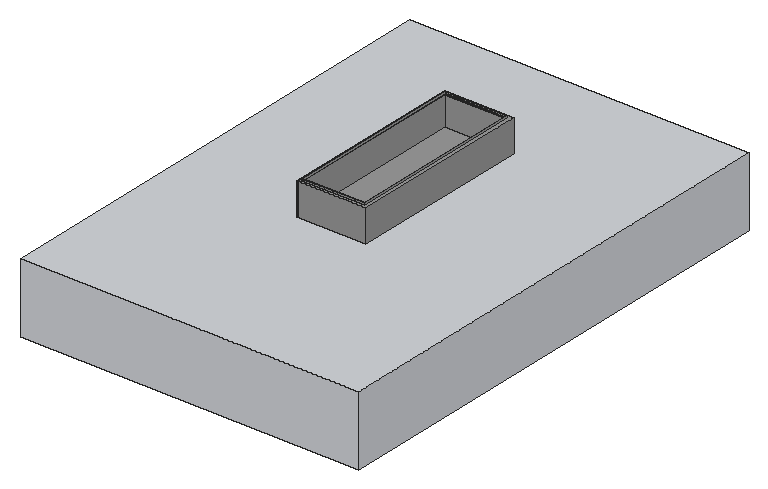
Revit family "Hager-Univers-IP30-D160-1x5rows-Cl.II-FWQ_encl_QS-AT-de", category Equipement électrique, Revit 2020
Family settings
  Hôte = Face
  Configuration du panneau = Deux colonnes, circuits au sein
  Cote de connecteur circulaire = Utiliser le diamètre
  Type d'élément = Tableau de raccordement
  Couper avec des vides une fois chargée = Non
  Partagée = Non
  Point de calcul de pièce = Non
Parameters (values of type "Aufputz IP30 B300 H800 T160  - FWQ51D1")
  Width Control [instance] = if([EF000008 - Breite] > Min Width, [EF000008 - Breite], Min Width)  # 300 mm
  Commentaires du type = [HG000003 - Bereich]  # "Univers"
  Thickness Door [instance] = if([EF009171 - Materialstärke Tür/Deckel] > 3 mm, 3 mm, [EF009171 - Materialstärke Tür/Deckel])  # 2 mm
  Seal Frame Offset [instance] = 17 mm  # constant formula
  Plinth Visibility [instance] = [HG000027 - Sockelhöhe] > 0 mm  # no
  Model = ""
  Min Width [instance] = 100 mm  # constant formula
  Min Height [instance] = 100 mm  # constant formula
  Min Depth [instance] = (2 * [EF009170 - Materialstärke Gehäuse]) + 1 mm  # 5 mm
  Internal Frame Depth [instance] = (Door System Depth * 0.5)  # 9 mm
  Height Control [instance] = if([EF000040 - Höhe] > Min Height, [EF000040 - Höhe], Min Height)  # 800 mm
  HG000027 - Sockelhöhe = 0 mm
  HG000026 - Stehend auf dem Boden = no
  HG000024 - Höhe des unteren Teils = 800 mm
  HG000023 - Gehäuse mit doppeltem Querschnitt = no
  HG000016 - 3D-Türsichtbarkeit [instance] = yes
  HG000015 - Sichtbarkeit der Türöffnung [instance] = no
  HG000014 - Tür rechts [instance] = yes
  HG000013 - Tür links [instance] = not([HG000014 - Tür rechts])  # no
  HG000012 - Türschwenkwinkel [instance] = 30.00°
  HG000010 - Asymmetrische Türen = no
  HG000009 - Doppelflügeligen Tür = no
  HG000006 - Unterputz = no
  HG000004 - Herstellerreferenz = "FWQ51D1"
  HG000003 - Bereich = "Univers"
  HG000002 - Mit tür = no
  Frame Offset Bottom [instance] = 10 mm  # constant formula
  Frame Offset [instance] = 15 mm  # constant formula
  EF015940 - Deckel mit Überdruckentlastung = no
  EF011959 - Schutzart (NEMA) = ""
  EF009554 - Anzahl der Öffnungen für Flanschplatten = 2
  Fabricant = "Hager"  # constant formula
  EF009212 - Ausführung Deckel = "EV009916 - mit Ausschnitt"
  EF009171 - Materialstärke Tür/Deckel = 2 mm
  EF009170 - Materialstärke Gehäuse = 2 mm
  EF008873 - Nennstrom (In) = 125 A
  EF007800 - Geeignet für Blitzschutz = no
  EF006306 - Mit Schloss = no
  EF006244 - Transparenter Deckel/Tür = no
  EF005474 - Schutzart (IP) = "EV006410 - IP30"
  EF004464 - Art der Tür = "EV002646 - Einzel"
  EF004427 - Anzahl der Module = 60
  EF004293 - Schlagfestigkeit = ""
  EF003532 - Geeignet für Außengebrauch = no
  EF002950 - Breite in Teilungseinheiten = 12
  EF001613 - Funktionserhalt = "EV000494 - ohne"
  EF001596 - Werkstoff des Gehäuses = "EV000179 - Stahl"
  EF001131 - Innentiefe = 160 mm
  EF001088 - Anbaumöglichkeit = yes
  EF000437 - Anzahl der Leitungseinführungen = 4
  EF000339 - Art der Abdeckung = "EV001012 - Deckel"
  EF000266 - Anzahl der Reihen = 5
  EF000218 - Einbautiefe = 0 mm
  EF000118 - Mit Montageplatte = yes
  EF000116 - RAL-Nummer = "9010"
  EF000049 - Tiefe = 160 mm
  EF000040 - Höhe = 800 mm
  EF000008 - Breite = 300 mm
  EF000007 - Farbe = "EV000202 - weiß"
  EF000003 - Montageart = "EV000384 - Aufputz"
  Door System Leaf Tolerance [instance] = 1.5 mm  # constant formula
  Door System Depth [instance] = 18 mm  # constant formula
  Door Height [instance] = Height Control - [HG000027 - Sockelhöhe]  # 800 mm
  Depth Control [instance] = if([EF000049 - Tiefe] > Min Depth, [EF000049 - Tiefe], Min Depth)  # 160 mm
  Default Elevation = 0 mm
  Connector Offset [instance] = Height Control / 2  # 400 mm
  Bottom Top Plate Trim [instance] = 1.5 mm  # constant formula
  Plinth height Ctrl [instance] = if([HG000027 - Sockelhöhe] > 0 mm, [HG000027 - Sockelhöhe], 12 mm)  # 12 mm
Reference planes
  plane 1 "Center (Front/Back)": y = 0
  plane 2: z = 0
  plane 3 "Center (Left/Right)": x = 0
  plane 4: z = 160
  plane 5: y = 2
  plane 6: y = 400
  plane 7: y = 0
  plane 8: y = 800
  plane 9: z = 0
  plane 10: x = -135
  plane 11: x = 135
  plane 12: x = 133
  plane 13: x = -133
  plane 14: y = 798
  plane 15: x = -133
  plane 16: x = -150
  plane 17: x = 133
  plane 18: x = 150
  plane 19: x = 148
  plane 20: x = -148
  plane 21: y = 12
  plane 22: y = 800
  plane 23: y = 783
  plane 24: z = 142
  plane 25: z = 2
  plane 26: z = 140
  plane 27: z = 158
Forms (mm)
  Extrusion 1, solid
    sketch origin (0, 0, 0) x (1, 0, 0) y (0, 1, 0)
      loop
        line (-702.964, 1305) -> (-702.964, -811.445) -> (766.763, -811.445) -> (766.763, 1305) -> (-702.964, 1305)
    from 0 to -304.8
  Extrusion 2, solid, material "Hager_Steel_RAL7035_Light_Grey", visible <- "Plinth Visibility", detail levels medium+fine
    sketch origin (0, 0, 0) x (1, 0, 0) y (0, 1, 0)
      loop
        line (-150, 0) -> (150, 0) -> (150, 12) -> (-150, 12) -> (-150, 0)
    from 0 to 142
  Extrusion 3, solid, material "Hager_Steel_RAL7035_Light_Grey", detail levels medium+fine
    sketch origin (0, 0, 0) x (1, 0, 0) y (0, 1, 0)
      loop
        line (-150, 0) -> (150, 0) -> (150, 800) -> (-150, 800) -> (-150, 0)
    from 0 to 142
  Extrusion 4, void
    sketch origin (0, 0, 0) x (1, 0, 0) y (0, 1, 0)
      loop
        line (-148, 2) -> (148, 2) -> (148, 798) -> (-148, 798) -> (-148, 2)
    from 2 to 140
  Extrusion 5, void
    sketch origin (-381.607, -4572, 142) x (0, -1, 0) y (-1, 0, 0)
      loop
        line (-4584, -248.607) -> (-5355, -248.607) -> (-5355, -514.607) -> (-4584, -514.607) -> (-4584, -248.607)
    from 0 to 2 <- "EF009170 - Materialstärke Gehäuse"
  Extrusion 6, solid, material "Hager_Steel_RAL7035_Light_Grey", detail levels fine
    sketch origin (0, 0, 142) x (1, 0, 0) y (0, 1, 0)
      loop
        line (-133, 783) -> (-133, 12) -> (133, 12) -> (133, 783) -> (-133, 783)
      loop
        line (-135, 10) -> (135, 10) -> (135, 785) -> (-135, 785) -> (-135, 10)
    from 0 to 9 <- "Internal Frame Depth"
  Extrusion 7, solid, material "Hager_Steel_RAL7035_Light_Grey", detail levels coarse
    sketch origin (0, 0, 0) x (1, 0, 0) y (0, 1, 0)
      loop
        line (-150, 0) -> (150, 0) -> (150, 800) -> (-150, 800) -> (-150, 0)
    from 0 to 160
  Sweep 8, void
    path in 3D
      loop
        line (-150, 12, 0) -> (150, 12, 0) -> (150, 12, 142) -> (-150, 12, 142) -> (-150, 12, 0)
    profile origin (-150, 12, 71) x (-1, 0, 0) y (0, -1, 0)
      loop
        line (0, 0) -> (0, 1.5) -> (-1.5, 1.5)
        arc (-1.5, 1.5) -> (-1.061, 0.439) -> (0, 0) r 1.5
Cuts and joins
  Extrusion 4, Extrusion 5 cuts Extrusion 3
  Sweep 8 cuts Extrusion 2
Lines and regions (mm)
  Masking region 1
    outline origin (0, 0, 0) x (1, 0, 0) y (0, 0, 1)
      loop
        line (-150, 160) -> (-150, 0) -> (150, 0) -> (150, 160) -> (-150, 160)
  Masking region 2, detail levels medium+fine
    outline origin (0, 140, 0) x (0, 1, 0) y (0, 0, 1)
      loop
        line (-140, 0) -> (660, 0) -> (660, 142) -> (-140, 142) -> (-140, 0)
  Masking region 3, not visible, detail levels medium+fine
    outline origin (0, 297.922, 0) x (0, 1, 0) y (0, 0, 1)
      loop
        line (113.578, 0) -> (153.578, 0) -> (153.578, 148)
        arc (153.578, 148) -> (150.649, 155.071) -> (143.578, 158) r 10
        line (143.578, 158) -> (113.578, 158) -> (113.578, 0)
  Masking region 4, detail levels coarse
    outline origin (0, 0, 180) x (0, 1, 0) y (0, 0, 1)
      loop
        line (0, -180) -> (800, -180) -> (800, -20) -> (0, -20) -> (0, -180)
  Masking region 5, visible <- "Plinth Visibility", detail levels medium+fine
    outline origin (0, 52.24, 12.345) x (0, 0, -1) y (0, 1, 0)
      loop
        line (10.845, -40.24) -> (-128.155, -40.24)
        arc (-128.155, -40.24) -> (-128.594, -41.301) -> (-129.655, -41.74) r 1.5
        line (-129.655, -41.74) -> (-129.655, -52.24) -> (12.345, -52.24) -> (12.345, -41.74)
        arc (12.345, -41.74) -> (11.285, -41.301) -> (10.845, -40.24) r 1.5
  Masking region 6, detail levels medium+fine
    outline origin (-381.607, -4572, 142) x (-1, 0, 0) y (0, -1, 0)
      loop
        line (-231.607, -5372) -> (-231.607, -4572) -> (-531.607, -4572) -> (-531.607, -5372) -> (-231.607, -5372)
  Masking region 7, visible <- "Plinth Visibility", detail levels medium+fine
    outline origin (-381.607, -4727, 142) x (-1, 0, 0) y (0, -1, 0)
      loop
        arc (-233.107, -4739) -> (-232.668, -4737.939) -> (-231.607, -4737.5) r 1.5
        line (-231.607, -4737.5) -> (-231.607, -4727) -> (-531.607, -4727) -> (-531.607, -4737.5)
        arc (-531.607, -4737.5) -> (-530.546, -4737.939) -> (-530.107, -4739) r 1.5
        line (-530.107, -4739) -> (-233.107, -4739)
  Masking region 8, detail levels coarse
    outline origin (-442.548, -4669.526, 142) x (-1, 0, 0) y (0, -1, 0)
      loop
        line (-292.548, -5469.526) -> (-292.548, -4669.526) -> (-592.548, -4669.526) -> (-592.548, -5469.526) -> (-292.548, -5469.526)
  sketch lines
    curve 1: line (-150, 12, 142) -> (-150, 12, 0)
    curve 2: line (150, 12, 142) -> (-150, 12, 142)
    curve 3: line (150, 12, 142) -> (150, 12, 0)
    curve 4: line (-150, 12, 0) -> (150, 12, 0)
Dimensions and locks
  "Depth Control": plane 4 to Extrusion 1
  "HG000027 - Sockelhöhe": plane 1 "Center (Front/Back)" to plane 7
  "EF009170 - Materialstärke Gehäuse": plane 5 to plane 7
  locked: connector elem to plane 3 "Center (Left/Right)"
  equal spacing: plane 8, plane 6, plane 7
  locked: connector elem to plane 6
  "EF009170 - Materialstärke Gehäuse": plane 8 to plane 14
  "EF009170 - Materialstärke Gehäuse": plane 10 to plane 13
  "EF009170 - Materialstärke Gehäuse": plane 12 to plane 11
  "Frame Offset": plane 20 to plane 13
  "Frame Offset": plane 12 to plane 19
  "EF009170 - Materialstärke Gehäuse": plane 16 to plane 20
  "EF009170 - Materialstärke Gehäuse": plane 19 to plane 18
  "Seal Frame Offset": plane 16 to plane 15
  "Seal Frame Offset": plane 17 to plane 18
  "Frame Offset Bottom": plane 21 to plane 5
  "Frame Offset": plane 14 to plane 23
  equal spacing: plane 16, plane 3 "Center (Left/Right)", plane 18
  "Width Control": plane 16 to plane 18
  "EF009170 - Materialstärke Gehäuse": plane 4 to plane 27
  "EF009170 - Materialstärke Gehäuse": plane 24 to plane 26
  "EF009170 - Materialstärke Gehäuse": plane 25 to level
  "Door System Depth": plane 4 to plane 24
  "Height Control": plane 1 "Center (Front/Back)" to Extrusion 7 sketch curve
  "Height Control": Masking region 4 sketch curve to plane 1 "Center (Front/Back)"
  "Height Control": plane 1 "Center (Front/Back)" to plane 22
  "Bottom Top Plate Trim": profile plane to Sweep 8 sketch curve
  "Bottom Top Plate Trim": Sweep 8 sketch curve to profile plane
  "Plinth height Ctrl": plane 1 "Center (Front/Back)" to Extrusion 2 sketch curve
  "Plinth height Ctrl": Masking region 5 sketch curve to plane 1 "Center (Front/Back)"
  "Plinth height Ctrl": plane 1 "Center (Front/Back)" to Masking region 7 sketch curve
  "Thickness Door": Extrusion 6 sketch curve to Extrusion 6 sketch curve  (x3)
  "Thickness Door": cut or joined group of Extrusion 3, Extrusion 4, Extrusion 5 to Extrusion 6 sketch curve
  radius of Masking region 3 sketch curve = 10 mm
  "Bottom Top Plate Trim": radius of Masking region 5 sketch curve  (x2)
  "Bottom Top Plate Trim": radius of Sweep 8 sketch curve
  "Bottom Top Plate Trim": radius of Masking region 7 sketch curve  (x2)
  aligned and locked: plane 2 to Extrusion 1
  aligned and locked: level to Extrusion 1
  aligned and locked: level to Masking region 1 sketch curve
  aligned and locked: Masking region 1 sketch curve to plane 18
  aligned and locked: Masking region 1 sketch curve to plane 16
  aligned and locked: plane 7 to Masking region 2 sketch curve
  aligned and locked: level to Masking region 3 sketch curve
  aligned and locked: Masking region 3 sketch curve to plane 27
  aligned and locked: level to Masking region 2 sketch curve
  aligned and locked: plane 1 "Center (Front/Back)" to Extrusion 2 sketch curve
  aligned and locked: Extrusion 3 sketch curve to plane 7
  aligned and locked: plane 16 to Extrusion 3 sketch curve
  aligned and locked: plane 18 to Extrusion 3 sketch curve
  aligned and locked: plane 20 to Extrusion 4 sketch curve
  aligned and locked: plane 19 to Extrusion 4 sketch curve
  aligned and locked: Extrusion 4 sketch curve to plane 5
  aligned and locked: Extrusion 4 to plane 25
  aligned and locked: plane 26 to Extrusion 4
  aligned and locked: plane 24 to Extrusion 3
  aligned and locked: plane 21 to Extrusion 5 sketch curve
  aligned and locked: Extrusion 5 sketch curve to plane 13
  aligned and locked: Extrusion 5 sketch curve to plane 12
  aligned and locked: plane 18 to Extrusion 7 sketch curve
  aligned and locked: plane 1 "Center (Front/Back)" to Extrusion 7 sketch curve
  aligned and locked: plane 16 to Extrusion 7 sketch curve
  aligned and locked: plane 4 to Extrusion 7
  aligned and locked: Extrusion 7 to level
  aligned and locked: level to Masking region 4 sketch curve
  aligned and locked: Masking region 4 sketch curve to plane 1 "Center (Front/Back)"
  aligned and locked: Masking region 4 sketch curve to plane 4
  aligned and locked: nested 1 to level
  aligned and locked: nested 1 to plane 16
  aligned and locked: plane 8 to Extrusion 3 sketch curve
  aligned and locked: plane 23 to Extrusion 5 sketch curve
  aligned and locked: plane 14 to Extrusion 4 sketch curve
  aligned and locked: Masking region 2 sketch curve to plane 8
  aligned and locked: level to Masking region 5 sketch curve
  aligned and locked: plane 16 to Extrusion 2 sketch curve
  aligned and locked: plane 18 to Extrusion 2 sketch curve
  aligned and locked: Masking region 5 sketch curve to plane 24
  aligned and locked: Masking region 2 sketch curve to plane 24
  aligned and locked: plane 24 to Extrusion 2
  aligned and locked: profile plane to Sweep 8 sketch curve  (x2)
  aligned and locked: Masking region 6 sketch curve to plane 18
  aligned and locked: Masking region 6 sketch curve to plane 22
  aligned and locked: Masking region 6 sketch curve to plane 16
  aligned and locked: plane 8 to plane 22
  aligned and locked: plane 7 to Masking region 6 sketch curve
  aligned and locked: Masking region 7 sketch curve to plane 16
  aligned and locked: Masking region 7 sketch curve to plane 1 "Center (Front/Back)"
  aligned and locked: Masking region 7 sketch curve to plane 18
  aligned and locked: Masking region 8 sketch curve to plane 1 "Center (Front/Back)"
  aligned and locked: Masking region 8 sketch curve to plane 18
  aligned and locked: Masking region 8 sketch curve to plane 22
  aligned and locked: Masking region 8 sketch curve to plane 16
  aligned and locked: nested 2 to plane 7
  aligned and locked: plane 3 "Center (Left/Right)" to nested 2
  aligned and locked: plane 24 to nested 2
  aligned and locked: Extrusion 6 sketch curve to cut or joined group of Extrusion 3, Extrusion 4, Extrusion 5  (x4)
Automatic sketch dimensions
  Extrusion 1 sketch curve to Extrusion 1 sketch curve = 1469.727 mm
  Extrusion 1 sketch curve to Extrusion 1 sketch curve = 2116.445 mm
  Masking region 1 sketch curve to plane 4 = 0 mm
  plane 6 to Masking region 3 sketch curve = 11.5 mm
  Masking region 3 sketch curve to Masking region 3 sketch curve = 30 mm
  Masking region 5 sketch curve to plane 1 "Center (Front/Back)" = 0 mm
Nested families
  nested 1: "Hager_Enclosure_Symbol" at (-150, 0, 0) x (1, 0, 0) z (0, -1, 0), Height <- "Depth Control", Width <- "Width Control", type "Hager_Enclosure_Symbol"
    with Width_Ctrl 300 mm, Width 300 mm, Height_Ctrl 160 mm, Height 160 mm, A_Width_Int 10.5 mm, A_Width 126 mm, A_Height_Ctrl 140 mm, A_Height 140 mm
  nested 2: "EC000058_Univers_Door" at (0, 0, 142) x (1, 0, 0) z (0, 1, 0), Leaf_Tolerance <- "Door System Leaf Tolerance", Angle <- "HG000012 - Türschwenkwinkel", Door_Depth <- "Door System Depth", Door_Left <- "HG000013 - Tür links", Transparent <- "EF006244 - Transparenter Deckel/Tür", Assymetrical <- "HG000010 - Asymmetrische Türen", Width <- "Width Control", Clearance <- "HG000015 - Sichtbarkeit der Türöffnung", Double <- "HG000009 - Doppelflügeligen Tür", 3d_Door <- "HG000016 - 3D-Türsichtbarkeit", Lock_Visibility <- "EF006306 - Mit Schloss", Width_Ctrl <- "Width Control", Door_Right <- "HG000014 - Tür rechts", Door <- "HG000002 - Mit tür", Height <- "Door Height", Thickness <- "Thickness Door", type "EC000058_Univers_Door", detail levels medium+fine
    with min_wh 5 mm, Width_Ctrl 300 mm, Width 300 mm, Transparent no, Thickness 2 mm, Seal_Material Hager_Rubber, Lock_Visibility no, Lock_Material Hager_Plastic_RAL9005_Jet_Black, Leaf_Width 300 mm, Leaf_Tolerance_External_Sides 0 mm, Leaf_Tolerance 1.5 mm, Leaf_Offset 0 mm, Leaf_Height 797 mm, Leaf_2_Width 300 mm, Leaf_2_Offset 150 mm, Leaf_1_Width 300 mm, Leaf_1_Offset 150 mm, Height_Ctrl 800 mm, Height 800 mm, Glass_Material Hager_Glass, Double_Clearance_Ctrl no, Double no, Door_Right_Ctrl no, Door_Right yes, Door_Material Hager_Steel_RAL7035_Light_Grey, Door_Left_Ctrl no, Door_Left no, Door_Depth 18 mm, Door no, Clearance_Material Hager_Clearance, Clearance_Depth 300 mm, Clearance_Ctrl no, Clearance no, Assymetrical no, Angle 30.00°, 3d_Door yes
Connectors
  electrical at (0, 400, 0)
    settings: on plane 9, index 1, voltage 0 V, apparent load 0 VA, apparent load phase1 0 VA, apparent load phase2 0 VA, apparent load phase3 0 VA, power factor 1, load classification "Other", number of poles 1, system type 30, power factor state 1, is connector primary yes, connector utility no, sub classification motor no, connector description ""
Definition of nested family "Hager_Enclosure_Symbol"
  Parameters (values of type "Hager_Enclosure_Symbol")
    Width_Ctrl [instance] = if(Width > 1 mm, Width, 1 mm)  # 102.27 mm
    Width [instance] = 102.27 mm
    Height_Ctrl [instance] = if(Height > 1 mm, Height, 1 mm)  # 66.5 mm
    A_Width_Int [instance] = if(A_Width / 12 > 2 mm, A_Width / 12, 2 mm)  # 4.364 mm
    A_Width [instance] = if(A_Height_Ctrl * 0.9 > 2 mm, A_Height_Ctrl * 0.9, 2 mm)  # 52.369 mm
    A_Height_Ctrl [instance] = if(A_Height > 2 mm, A_Height, 2 mm)  # 58.188 mm
    Height [instance] = 66.5 mm
    A_Height [instance] = Height - (Height / 8)  # 58.188 mm
  Reference planes
    plane 1 "Centre (avant/arrière)": y = 0
    plane 2: z = 0
    plane 3 "Centre (gauche/droite)": x = 0
    plane 4: x = 52.369
    plane 5: y = 33.042
    plane 6: y = 41.77
    plane 7: y = 66.5
    plane 8: x = 26.184
    plane 9: y = 37.406
    plane 10: x = 102.27
    plane 11: y = 66.5
    plane 12: y = 8.313
  Lines and regions (mm)
    Filled region 1, type "Solid_Black", in view "Niveau de réf."
      outline origin (0, 0, 0) x (1, 0, 0) y (0, 1, 0)
        loop
          line (52.369, 66.5) -> (33.188, 54.536) -> (45.365, 45.006) -> (52.369, 66.5)
    Filled region 2, type "Solid_Black", in view "Niveau de réf."
      outline origin (0, 0, 0) x (1, 0, 0) y (0, 1, 0)
        loop
          line (0, 0) -> (102.27, 0) -> (102.27, 66.5) -> (0, 0)
    detail lines, in view "Niveau de réf."
      curve 1: line (0, 8.313, 0) -> (26.184, 41.77, 0)
      curve 2: line (26.184, 41.77, 0) -> (26.184, 33.042, 0)
      curve 3: line (26.184, 33.042, 0) -> (52.369, 66.5, 0)
  Dimensions and locks
    "A_Width": plane 3 "Centre (gauche/droite)" to plane 4
    equal spacing: plane 3 "Centre (gauche/droite)", plane 8, plane 4
    equal spacing: plane 6, plane 9, plane 5
    equal spacing: curve 3, Filled region 1 sketch curve, Filled region 1 sketch curve
    "Height_Ctrl": plane 1 "Centre (avant/arrière)" to plane 11
    "A_Height_Ctrl": plane 11 to plane 12
    equal spacing: plane 11, plane 9, plane 12
    "A_Width_Int": plane 6 to plane 9
    "Width_Ctrl": plane 3 "Centre (gauche/droite)" to plane 10
    angle Filled region 1 sketch curve to curve 3 = 20.00°
    angle curve 3 to Filled region 1 sketch curve = 20.00°
    locked: curve 3 to Filled region 1 sketch curve (angle 90.00°)
    aligned and locked: plane 10 to Filled region 2
    aligned and locked: plane 11 to Filled region 2 sketch curve
    aligned and locked: plane 10 to Filled region 2 sketch curve
    aligned and locked: plane 3 "Centre (gauche/droite)" to curve 1
    aligned and locked: plane 12 to curve 1
    aligned and locked: plane 7 to plane 11
  Automatic sketch dimensions
    Filled region 1 sketch curve to plane 4 = 0 mm
    Filled region 1 sketch curve to plane 7 = 0 mm
    plane 1 "Centre (avant/arrière)" to Filled region 2 sketch curve = 0 mm
    Filled region 2 sketch curve to plane 3 "Centre (gauche/droite)" = 0 mm
    curve 2 to plane 6 = 0 mm
    curve 2 to plane 8 = 0 mm
    curve 3 to plane 4 = 0 mm
    curve 2 to plane 5 = 0 mm
    curve 3 to plane 7 = 0 mm
Definition of nested family "EC000058_Univers_Door"
  Parameters (values of type "EC000058_Univers_Door")
    min_wh [instance] = (2 * Thickness) + 1 mm  # 11 mm
    Width_Ctrl [instance] = 400 mm
    Width [instance] = 500 mm
    Transparent [instance] = yes
    Thickness [instance] = 5 mm
    Seal_Material [instance] = none
    Lock_Visibility [instance] = yes
    Lock_Material [instance] = none
    Leaf_Width [instance] = if((Width_Ctrl - 2 * Leaf_Tolerance_External_Sides) > 0 mm, (Width_Ctrl - 2 * Leaf_Tolerance_External_Sides), min_wh)  # 400 mm
    Leaf_Tolerance_External_Sides [instance] = 0 mm  # constant formula
    Leaf_Tolerance [instance] = 1.5 mm
    Leaf_Offset [instance] = 0 mm  # constant formula
    Leaf_Height [instance] = if((Height_Ctrl - 2 * Leaf_Tolerance) > 0 mm, (Height_Ctrl - 2 * Leaf_Tolerance), min_wh)  # 497 mm
    Leaf_2_Width [instance] = if(and(and(Double, Assymetrical), Door_Left), (Leaf_Width / 3) - (Leaf_Tolerance / 2), if(and(and(Double, Assymetrical), Door_Right), (Leaf_Width / 3) * 2 - (Leaf_Tolerance / 2), if(and(Double, not(Assymetrical)), (Leaf_Width / 2) - Leaf_Tolerance, Leaf_Width)))  # 400 mm
    Leaf_2_Offset [instance] = if(and(Double, Assymetrical), Leaf_2_Width / 2, if(and(Double, not(Assymetrical)), Leaf_Width / 4, Leaf_Width / 2))  # 200 mm
    Leaf_1_Width [instance] = if(and(and(Double, Assymetrical), Door_Right), (Leaf_Width / 3) - (Leaf_Tolerance / 2), if(and(and(Double, Assymetrical), Door_Left), (Width / 3) * 2 - (Leaf_Tolerance / 2), if(and(Double, not(Assymetrical)), (Leaf_Width / 2) - Leaf_Tolerance, Leaf_Width)))  # 400 mm
    Leaf_1_Offset [instance] = if(and(Double, Assymetrical), Leaf_1_Width / 2, if(and(Double, not(Assymetrical)), Leaf_Width / 4, Leaf_Width / 2))  # 200 mm
    Height_Ctrl [instance] = if(Height > min_wh, Height, min_wh)  # 500 mm
    Height [instance] = 500 mm
    Glass_Material [instance] = none
    Double_Clearance_Ctrl [instance] = and(Double, Clearance)  # no
    Double [instance] = no
    Door_Right_Ctrl [instance] = and(or(Door_Right, Double), Door)  # yes
    Door_Right [instance] = yes
    Door_Material [instance] = none
    Door_Left_Ctrl [instance] = and(or(Door_Left, Double), Door)  # no
    Door_Left [instance] = no
    Door_Depth [instance] = 30 mm
    Door [instance] = yes
    Default Elevation = 1219.2 mm
    Clearance_Material [instance] = none
    Clearance_Depth [instance] = if(Leaf_1_Width > Leaf_2_Width, Leaf_1_Width, Leaf_2_Width)  # 400 mm
    Clearance_Ctrl [instance] = and(not(Double), Clearance)  # yes
    Clearance [instance] = yes
    Assymetrical [instance] = yes
    Angle [instance] = 30.00°
    3d_Door [instance] = yes
  Reference planes
    plane 1 "Center (Front/Back)": y = 0
    plane 2 "Bottom": z = 0
    plane 3 "Center (Left/Right)": x = 0
    plane 4: z = 500
    plane 5: x = -200
    plane 6: x = 200
    plane 7: z = 500
    plane 8: x = -200
    plane 9: z = 0
    plane 10: x = 200
    plane 11: y = 0
    plane 12: z = 1.5
    plane 13: x = -600
    plane 14: y = -400
    plane 15: x = 600
    plane 16: x = 0
    plane 17: x = 0
    plane 18: x = -200
    plane 19: x = 200
    plane 20: z = 498.5
  Forms (mm)
    Extrusion 1, solid, material <- "Clearance_Material", visible <- "Double_Clearance_Ctrl"
      sketch origin (1200, 0, 0) x (1, 0, 0) y (0, 0, -1)
        loop
          line (-1800, -498.5) -> (-600, -498.5) -> (-600, 0) -> (-1800, 0) -> (-1800, -498.5)
      from 0 to -400
  Dimensions and locks
    equal spacing: plane 5, plane 3 "Center (Left/Right)", plane 6
    "Width_Ctrl": plane 5 to plane 6
    "Leaf_Offset": plane 5 to plane 8
    "Leaf_Offset": plane 6 to plane 10
    "Leaf_Offset": plane 9 to level
    "Leaf_Offset": plane 4 to plane 7
    "Height_Ctrl": plane 4 to level
    "Leaf_Tolerance": plane 12 to plane 9
    locked: plane 11 to plane 1 "Center (Front/Back)"
    "Leaf_1_Offset": plane 18 to plane 16
    "Leaf_2_Offset": plane 17 to plane 19
    "Leaf_1_Width": plane 13 to plane 8
    "Leaf_2_Width": plane 10 to plane 15
    "Clearance_Depth": plane 14 to plane 1 "Center (Front/Back)"
    "Leaf_Tolerance_External_Sides": plane 8 to plane 18
    "Leaf_Tolerance_External_Sides": plane 19 to plane 10
    "Leaf_Tolerance": plane 7 to plane 20
    aligned and locked: level to plane 2 "Bottom"
    aligned and locked: nested 1 to plane 16
    aligned and locked: nested 2 to plane 17
    aligned and locked: Extrusion 1 to plane 13
    aligned and locked: plane 15 to Extrusion 1
    aligned and locked: Extrusion 1 to plane 14
    aligned and locked: plane 12 to nested 1
    aligned and locked: nested 2 to plane 12
    aligned and locked: Extrusion 1 to plane 11
    aligned and locked: plane 20 to Extrusion 1
    aligned and locked: nested 2 to plane 11
    aligned and locked: nested 1 to plane 11
  Automatic sketch dimensions
    Extrusion 1 sketch curve to level = 0 mm
    plane 5 to Extrusion 1 sketch curve = 400 mm
    plane 6 to Extrusion 1 sketch curve = 400 mm
    Extrusion 1 sketch curve to plane 4 = 1.5 mm
  Nested families
    nested 1: "EC000058_Univers_Door_Leaf" at (0, 0, 1.5), Width <- "Leaf_1_Width", visible <- "Door_Left_Ctrl", Leaf_Height <- "Leaf_Height", Angle <- "Angle", 3d_Door <- "3d_Door", Transparent <- "Transparent", Clearance Material <- "Clearance_Material", Clearance <- "Clearance_Ctrl", Door_Material <- "Door_Material", Glass_Material <- "Glass_Material", Door_Depth <- "Door_Depth", Lock_Material <- "Lock_Material", Seal_Material <- "Seal_Material", Lock_Visibility <- "Lock_Visibility", Thickness <- "Thickness", type "EC000058_Univers_Door_Leaf"
      with Width 400 mm, Transparent_Glass_Offset 30 mm, Transparent_Ctrl yes, Transparent yes, Thickness 5 mm, Standard no, Seal_Material none, Seal_D2 8 mm, Seal_D1 1 mm, Offset_Internal_Frame 10 mm, Lock_Width 20 mm, Lock_Visibility_3d yes, Lock_Visibility yes, Lock_Thickness_3 3 mm, Lock_Thickness_2 1 mm, Lock_Thickness_1 3 mm, Lock_Radius_Offset_2 16 mm, Lock_Radius_Offset_1 15 mm, Lock_Radius_2 5 mm, Lock_Radius 6 mm, Lock_Offset 5 mm, Lock_Material none, Lock_Height 80 mm, Lock_Cover_Top_Offset_2d 17 mm, Lock_Cover_Height -65 mm, Leaf_Height 497 mm, Internal_Seal_Thickness 8 mm, Internal_Seal_Depth_2 4.5 mm, Internal_Frame_Depth 25 mm, Glass_Thickness -1 mm, Glass_Offset -2 mm, Glass_Material none, Door_Material none, Door_Depth 30 mm, Clearance Material none, Clearance yes, Angle_Ctrl 30.00°, Angle 30.00°, 3d_Door yes
    nested 2: "EC000058_Univers_Door_Leaf" at (0, 0, 1.5) x (-1, 0, 0) z (0, 0, 1), Width <- "Leaf_2_Width", visible <- "Door_Right_Ctrl", Leaf_Height <- "Leaf_Height", Angle <- "Angle", 3d_Door <- "3d_Door", Transparent <- "Transparent", Clearance Material <- "Clearance_Material", Clearance <- "Clearance_Ctrl", Door_Material <- "Door_Material", Glass_Material <- "Glass_Material", Door_Depth <- "Door_Depth", Lock_Material <- "Lock_Material", Seal_Material <- "Seal_Material", Lock_Visibility <- "Lock_Visibility", Thickness <- "Thickness", type "EC000058_Univers_Door_Leaf"
      with Width 400 mm, Transparent_Glass_Offset 30 mm, Transparent_Ctrl yes, Transparent yes, Thickness 5 mm, Standard no, Seal_Material none, Seal_D2 8 mm, Seal_D1 1 mm, Offset_Internal_Frame 10 mm, Lock_Width 20 mm, Lock_Visibility_3d yes, Lock_Visibility yes, Lock_Thickness_3 3 mm, Lock_Thickness_2 1 mm, Lock_Thickness_1 3 mm, Lock_Radius_Offset_2 16 mm, Lock_Radius_Offset_1 15 mm, Lock_Radius_2 5 mm, Lock_Radius 6 mm, Lock_Offset 5 mm, Lock_Material none, Lock_Height 80 mm, Lock_Cover_Top_Offset_2d 17 mm, Lock_Cover_Height -65 mm, Leaf_Height 497 mm, Internal_Seal_Thickness 8 mm, Internal_Seal_Depth_2 4.5 mm, Internal_Frame_Depth 25 mm, Glass_Thickness -1 mm, Glass_Offset -2 mm, Glass_Material none, Door_Material none, Door_Depth 30 mm, Clearance Material none, Clearance yes, Angle_Ctrl 30.00°, Angle 30.00°, 3d_Door yes
  Definition of nested family "EC000058_Univers_Door_Leaf"
    Parameters (values of type "EC000058_Univers_Door_Leaf")
      Width [instance] = 2000 mm
      Transparent_Glass_Offset [instance] = 30 mm
      Transparent_Ctrl [instance] = and(Transparent, [3d_Door])  # yes
      Transparent [instance] = yes
      Thickness [instance] = 5 mm
      Standard [instance] = and(not(Transparent), [3d_Door])  # no
      Seal_Material [instance] = none
      Seal_D2 [instance] = 8 mm  # constant formula
      Seal_D1 [instance] = 1 mm  # constant formula
      Offset_Internal_Frame [instance] = 10 mm  # constant formula
      Lock_Width [instance] = 20 mm  # constant formula
      Lock_Visibility_3d [instance] = and(Lock_Visibility, [3d_Door])  # yes
      Lock_Visibility [instance] = yes
      Lock_Thickness_3 [instance] = 3 mm  # constant formula
      Lock_Thickness_2 [instance] = 1 mm  # constant formula
      Lock_Thickness_1 [instance] = 3 mm  # constant formula
      Lock_Radius_Offset_2 [instance] = Lock_Radius_Offset_1 + 1 mm  # 16 mm
      Lock_Radius_Offset_1 [instance] = 15 mm  # constant formula
      Lock_Radius_2 [instance] = Lock_Radius - 1 mm  # 5 mm
      Lock_Radius [instance] = 6 mm  # constant formula
      Lock_Offset [instance] = 5 mm  # constant formula
      Lock_Material [instance] = none
      Lock_Height [instance] = 80 mm  # constant formula
      Lock_Cover_Top_Offset_2d [instance] = Lock_Radius_Offset_2 + 1 mm  # 17 mm
      Lock_Cover_Height [instance] = -(Lock_Height - Lock_Radius_Offset_1)  # -65 mm
      Leaf_Height [instance] = 2720.336 mm
      Internal_Seal_Thickness [instance] = 8 mm  # constant formula
      Internal_Seal_Depth_2 [instance] = 4.5 mm  # constant formula
      Internal_Frame_Depth [instance] = if(Door_Depth - Thickness > 5 mm, Door_Depth - Thickness, 5 mm)  # 25 mm
      Glass_Thickness [instance] = if(Thickness > 15 mm, Glass_Offset + 10 mm, -1 mm)  # -1 mm
      Glass_Offset [instance] = if(Thickness > 15 mm, -(Thickness + 10 mm) / 2, -2 mm)  # -2 mm
      Glass_Material [instance] = none
      Door_Material [instance] = none
      Door_Depth [instance] = 30 mm
      Default Elevation = 0 mm
      Clearance Material [instance] = none
      Clearance [instance] = yes
      Angle_Ctrl [instance] = if(Angle > 180.00°, 180.00°, Angle)  # 90.00°
      Angle [instance] = 90.00°
      3d_Door [instance] = yes
    Reference planes
      plane 1 "Center (Front/Back)": y = 0
      plane 2: z = 0
      plane 3 "Center (Left/Right)": x = 0
      plane 4: y = 2000
      plane 5: x = -1000
      plane 6: x = 1000
      plane 7: x = -3000
      plane 8: z = 2720.336
      plane 9: z = 30
      plane 10: z = 2690.336
      plane 11: x = 970
      plane 12: x = -970
      plane 13: y = -3
      plane 14: z = 107.833
      plane 15: y = -5
      plane 16: y = -223.314
      plane 17: x = -1000
      plane 18: z = 1360.168
      plane 19: y = 30
    Forms (mm)
      Extrusion 1, solid, material <- "Clearance Material", visible <- "Clearance"
        sketch origin (0, 0, 0) x (1, 0, 0) y (0, 0, 1)
          loop
            line (-3000, 2720.336) -> (-3000, 0) -> (1000, 0) -> (1000, 2720.336) -> (-3000, 2720.336)
        from 0 to -2000
      Extrusion 2, solid, material <- "Door_Material", visible <- "Standard", detail levels medium+fine
        sketch origin (-1000, 0, 0) x (0, 1, 0) y (-1, 0, 0)
          loop
            line (0, 30) -> (0, 25) -> (2000, 25) -> (2000, 30) -> (0, 30)
        from 0 to 2720.336 <- "Leaf_Height"
      Extrusion 3, solid, material <- "Door_Material", visible <- "Transparent_Ctrl", detail levels medium+fine
        sketch origin (-1000, 0, 0) x (0, 1, 0) y (-1, 0, 0)
          loop
            line (0, 25) -> (2000, 25) -> (2000, 30) -> (0, 30) -> (0, 25)
        from 0 to 2720.336 <- "Leaf_Height"
      Extrusion 4, void
        sketch origin (-1025, 2000, 0) x (0, 1, 0) y (0, 0, -1)
          loop
            line (-30, -2690.336) -> (-30, -30) -> (-1970, -30) -> (-1970, -2690.336) -> (-30, -2690.336)
        from 0 to 5 <- "Thickness"
      Sweep 5, solid, material <- "Seal_Material", visible <- "Transparent_Ctrl", detail levels fine
        path in 3D
          loop
            line (-1025, 30, 30) -> (-1025, 30, 2690.336) -> (-1025, 1970, 2690.336) -> (-1025, 1970, 30) -> (-1025, 30, 30)
        profile origin (-1025, 1000, 30) x (1, 0, 0) y (0, 0, 1)
          loop
            line (0, 0) -> (0, -8) -> (1, -8) -> (1, 0) -> (0, 0)
      Extrusion 6, solid, material <- "Glass_Material", visible <- "Transparent_Ctrl", detail levels medium+fine
        sketch origin (-1030, 0, 0) x (0, 1, 0) y (0, 0, -1)
          loop
            line (1970, -2690.336) -> (1970, -30) -> (30, -30) -> (30, -2690.336) -> (1970, -2690.336)
        from -2 <- "Glass_Offset" to -1 <- "Glass_Thickness"
      Extrusion 7, solid, material <- "Door_Material", visible <- "3d_Door", detail levels medium+fine
        sketch origin (-1025, 2000, 0) x (0, -1, 0) y (0, 0, -1)
          loop
            line (0, -2720.336) -> (2000, -2720.336) -> (2000, 0) -> (0, 0) -> (0, -2720.336)
          loop
            line (1995, -5) -> (5, -5) -> (5, -2715.336) -> (1995, -2715.336) -> (1995, -5)
        from 0 to 25 <- "Internal_Frame_Depth"
      Sweep 8, solid, material <- "Seal_Material", visible <- "Transparent_Ctrl", detail levels fine
        path in 3D
          loop
            line (-1025, 0, 0) -> (-1025, 2000, 0) -> (-1025, 2000, 2720.336) -> (-1025, 0, 2720.336) -> (-1025, 0, 0)
        profile origin (-1025, 0, 1360.168) x (1, 0, 0) y (0, 1, 0)
          loop
            line (0, 10) -> (2.975, 10)
            arc (2.975, 10) -> (4.053, 10.447) -> (4.5, 11.525) r 1.525
            line (4.5, 11.525) -> (4.5, 16.527)
            arc (4.5, 16.527) -> (4.069, 17.569) -> (3.027, 18) r 1.473
            line (3.027, 18) -> (0, 18) -> (0, 10)
      Extrusion 9, solid, material <- "Lock_Material", visible <- "Lock_Visibility_3d", detail levels fine
        sketch origin (-1030, 0, 0) x (0, 1, 0) y (0, 0, -1)
          loop
            arc (1993.5, -1400.168) -> (1994.561, -1399.729) -> (1995, -1398.668) r 1.5
            line (1995, -1398.668) -> (1995, -1320.168) -> (1975, -1320.168) -> (1975, -1398.668)
            arc (1975, -1398.668) -> (1975.439, -1399.729) -> (1976.5, -1400.168) r 1.5
            line (1976.5, -1400.168) -> (1993.5, -1400.168)
        from 3 <- "Lock_Thickness_1" to 0
      Blend 10, solid, material <- "Lock_Material", visible <- "Lock_Visibility_3d", detail levels fine
        base sketch origin (-1033, 0, 0) x (0, 1, 0) y (0, 0, -1)
          loop
            line (1975, -1320.168) -> (1975, -1398.668)
            arc (1975, -1398.668) -> (1975.439, -1399.729) -> (1976.5, -1400.168) r 1.5
            line (1976.5, -1400.168) -> (1993.5, -1400.168)
            arc (1993.5, -1400.168) -> (1994.561, -1399.729) -> (1995, -1398.668) r 1.5
            line (1995, -1398.668) -> (1995, -1320.168) -> (1975, -1320.168)
        top sketch origin (-1033, 0, 0) x (0, 1, 0) y (0, 0, -1)
          loop
            line (1976, -1320.168) -> (1976, -1398.668)
            arc (1976, -1398.668) -> (1976.146, -1399.022) -> (1976.5, -1399.168) r 0.5
            line (1976.5, -1399.168) -> (1993.5, -1399.168)
            arc (1993.5, -1399.168) -> (1993.854, -1399.022) -> (1994, -1398.668) r 0.5
            line (1994, -1398.668) -> (1994, -1320.168) -> (1976, -1320.168)
        from 0 to 1 <- "Lock_Thickness_2"
      Blend 11, solid, material <- "Lock_Material", visible <- "Lock_Visibility_3d", detail levels fine
        base sketch origin (-1034, 0, 0) x (0, 1, 0) y (0, 0, -1)
          loop
            line (1978, -1320.168) -> (1978, -1384.168)
            arc (1978, -1384.168) -> (1985, -1391.168) -> (1992, -1384.168) r 7
            line (1992, -1384.168) -> (1992, -1320.168) -> (1978, -1320.168)
        top sketch origin (-1034, 0, 0) x (0, 1, 0) y (0, 0, -1)
          loop
            line (1991, -1320.168) -> (1979, -1320.168) -> (1979, -1383.168)
            arc (1979, -1383.168) -> (1985, -1389.168) -> (1991, -1383.168) r 6
            line (1991, -1383.168) -> (1991, -1320.168)
        from 0 to 3 <- "Lock_Thickness_3"
      Extrusion 12, solid, material <- "Lock_Material", visible <- "Lock_Visibility_3d", detail levels fine
        sketch origin (-1030, 1975, 1320.168) x (1, 0, 0) y (0, -1, 0)
          loop
            line (-7, -19) -> (-7, -1) -> (0, -1) -> (0, 0) -> (-8, 0) -> (-8, -20) -> (0, -20) -> (0, -19) -> (-7, -19)
        from 0 to -65 <- "Lock_Cover_Height"
      Extrusion 13, void
        sketch origin (-1038, 1995, 1320.168) x (-1, 0, 0) y (0, 0, -1)
          loop
            line (-5, -65) -> (0, -65) -> (-5, -60) -> (-5, -65)
        from 0 to 20 <- "Lock_Width"
      Extrusion 14, void
        sketch origin (-1038, 1975, 1320.168) x (0, -1, 0) y (0, 0, -1)
          loop
            circle (-10, -15.995) r 6
          loop
            circle (-10, -15.995) r 5
        from 0 to 2
      Extrusion 15, solid, material <- "Lock_Material", visible <- "Lock_Visibility_3d", detail levels medium
        sketch origin (-1030, 0, 0) x (0, 1, 0) y (0, 0, -1)
          loop
            arc (1993.5, -1400.168) -> (1994.561, -1399.729) -> (1995, -1398.668) r 1.5
            line (1995, -1398.668) -> (1995, -1320.168) -> (1975, -1320.168) -> (1975, -1398.668)
            arc (1975, -1398.668) -> (1975.439, -1399.729) -> (1976.5, -1400.168) r 1.5
            line (1976.5, -1400.168) -> (1993.5, -1400.168)
        from 8 to 0
    Cuts and joins
      Extrusion 4 cuts Extrusion 3
      Extrusion 13, Extrusion 14 cuts Extrusion 9
      Extrusion 14 cuts Blend 11
      Extrusion 13, Extrusion 14 cuts Extrusion 12
      joined: Extrusion 9, Blend 10, Blend 11, Extrusion 12
      Extrusion 14 cuts Extrusion 15
    Lines and regions (mm)
      Masking region 1, visible <- "Lock_Visibility", detail levels fine
        outline origin (0, 0, 0) x (0, 1, 0) y (0, 0, 1)
          loop
            line (30, 1320.168) -> (33, 1320.168) -> (33, 1400.168) -> (30, 1400.168) -> (30, 1320.168)
      Masking region 2, visible <- "Lock_Visibility", detail levels fine
        outline origin (0, 3.143, 0) x (0, 1, 0) y (0, 0, 1)
          loop
            line (29.857, 1354.168) -> (30.857, 1354.168) -> (30.857, 1366.168) -> (29.857, 1366.168) -> (29.857, 1354.168)
      Masking region 3, detail levels medium+fine
        outline origin (0, 0, 0) x (0, 1, 0) y (0, 0, 1)
          loop
            line (0, 0) -> (30, 0) -> (30, 2720.336) -> (0, 2720.336) -> (0, 0)
      Masking region 4, detail levels medium+fine
        outline origin (0, 0, 0) x (1, 0, 0) y (0, 0, 1)
          loop
            line (-1000, 2720.336) -> (-1000, 0) -> (1000, 0) -> (1000, 2720.336) -> (-1000, 2720.336)
      Masking region 5, visible <- "Lock_Visibility", detail levels fine
        outline origin (-47.116, 0, 0) x (1, 0, 0) y (0, 0, 1)
          loop
            arc (1024.616, 1399.168) -> (1023.556, 1398.729) -> (1023.116, 1397.668) r 1.5
            line (1023.116, 1397.668) -> (1023.116, 1320.168) -> (1041.116, 1320.168) -> (1041.116, 1397.668)
            arc (1041.116, 1397.668) -> (1040.677, 1398.729) -> (1039.616, 1399.168) r 1.5
            line (1039.616, 1399.168) -> (1024.616, 1399.168)
      Masking region 6, visible <- "Lock_Visibility", detail levels medium+fine
        outline origin (-25, 0, 0) x (1, 0, 0) y (0, 0, 1)
          loop
            arc (1001.5, 1400.168) -> (1000.439, 1399.729) -> (1000, 1398.668) r 1.5
            line (1000, 1398.668) -> (1000, 1320.168) -> (1020, 1320.168) -> (1020, 1398.668)
            arc (1020, 1398.668) -> (1019.561, 1399.729) -> (1018.5, 1400.168) r 1.5
            line (1018.5, 1400.168) -> (1001.5, 1400.168)
      Masking region 7, visible <- "Lock_Visibility", detail levels fine
        outline origin (-73.735, 0, 0) x (1, 0, 0) y (0, 0, 1)
          loop
            line (1051.735, 1382.168) -> (1065.735, 1382.168) -> (1065.735, 1384.168)
            arc (1065.735, 1384.168) -> (1058.735, 1391.168) -> (1051.735, 1384.168) r 7
            line (1051.735, 1384.168) -> (1051.735, 1382.168)
      Masking region 8, visible <- "Lock_Visibility", detail levels fine
        outline origin (-73.735, 0, 0) x (1, 0, 0) y (0, 0, 1)
          loop
            line (1052.735, 1382.168) -> (1064.735, 1382.168) -> (1064.735, 1383.168)
            arc (1064.735, 1383.168) -> (1058.735, 1389.168) -> (1052.735, 1383.168) r 6
            line (1052.735, 1383.168) -> (1052.735, 1382.168)
      Masking region 9, visible <- "Lock_Visibility", detail levels fine
        outline origin (-25, 0, 0) x (1, 0, 0) y (0, 0, 1)
          loop
            line (1020, 1320.168) -> (1020, 1382.168) -> (1000, 1382.168) -> (1000, 1320.168) -> (1020, 1320.168)
      Masking region 10, detail levels medium+fine
        outline origin (0, 0, 0) x (1, 0, 0) y (0, 0, 1)
          loop
            circle (985, 1335.144) r 6
      Masking region 11, detail levels fine
        outline origin (0, 0, 0) x (1, 0, 0) y (0, 0, 1)
          loop
            circle (985, 1335.144) r 5
      Masking region 12, visible <- "Lock_Visibility", detail levels fine
        outline origin (0, 12.767, 0) x (0, 1, 0) y (0, 0, 1)
          loop
            line (20.233, 1320.168) -> (21.233, 1320.168) -> (21.233, 1399.168) -> (20.233, 1400.168) -> (20.233, 1320.168)
      Masking region 13, visible <- "Lock_Visibility", detail levels fine
        outline origin (0, 13.767, -10) x (0, 1, 0) y (0, 0, 1)
          loop
            line (20.233, 1330.168) -> (23.233, 1330.168) -> (23.233, 1399.168) -> (20.233, 1402.168) -> (20.233, 1330.168)
      Masking region 14, visible <- "Lock_Visibility", detail levels fine
        outline origin (0, 12.767, -10) x (0, 1, 0) y (0, 0, 1)
          loop
            line (20.233, 1330.168) -> (25.233, 1330.168) -> (25.233, 1399.305) -> (20.233, 1394.305) -> (20.233, 1330.168)
      Masking region 15, visible <- "Lock_Visibility", detail levels medium
        outline origin (0, 0, 0) x (0, 1, 0) y (0, 0, 1)
          loop
            line (30, 1320.168) -> (38, 1320.168) -> (38, 1400.168) -> (30, 1400.168) -> (30, 1320.168)
      Masking region 16, visible <- "Lock_Visibility", detail levels fine
        outline origin (-1000, 0, 0) x (0, 1, 0) y (-1, 0, 0)
          loop
            line (1975, 30) -> (1995, 30) -> (1995, 38) -> (1975, 38) -> (1975, 30)
          loop
            line (1979, 37) -> (1976, 37) -> (1976, 34) -> (1978, 34) -> (1979, 37)
          loop
            line (1994, 37) -> (1991, 37) -> (1992, 34) -> (1994, 34) -> (1994, 37)
      Masking region 17, visible <- "Lock_Visibility", detail levels medium
        outline origin (-1000, 0, 0) x (0, 1, 0) y (-1, 0, 0)
          loop
            line (1975, 30) -> (1995, 30) -> (1995, 38) -> (1975, 38) -> (1975, 30)
      symbolic lines
        curve 1: line (1000, 0, 0) -> (-3000, 0, 0)
        curve 2: arc (1000, 0, 0) -> (-1000, 2000, 0) -> (-3000, 0, 0) r 2000
        curve 4: line (-1030, 0, 0) -> (-1030, 2000, 0)
      reference lines
        curve 3: line (-1000, 0, 0) -> (-1000, 2000, 0)
      symbolic lines, detail levels medium+fine
        curve 5: line (-1030, 2000, 0) -> (-1025, 2000, 0)
        curve 7: line (-1025, 0, 0) -> (-1030, 0, 0)
        curve 8: line (-1025, 0, 0) -> (-1000, 0, 0)
        curve 9: line (-1000, 0, 0) -> (-1000, 2000, 0)
        curve 10: line (-1000, 2000, 0) -> (-1025, 2000, 0)
      symbolic lines, detail levels fine
        curve 6: line (-1025, 2000, 0) -> (-1025, 0, 0)
      sketch lines
        curve 11: line (-1025, 0, 2720.336) -> (-1025, 0, 0)
        curve 12: line (-1025, 2000, 0) -> (-1025, 0, 0)
        curve 13: line (-1025, 2000, 2720.336) -> (-1025, 2000, 0)
        curve 14: line (-1025, 0, 2720.336) -> (-1025, 2000, 2720.336)
        curve 15: line (-1025, 1970, 30) -> (-1025, 30, 30)
        curve 16: line (-1025, 30, 30) -> (-1025, 30, 2690.336)
        curve 17: line (-1025, 1970, 2690.336) -> (-1025, 1970, 30)
        curve 18: line (-1025, 30, 2690.336) -> (-1025, 1970, 2690.336)
      symbolic lines, visible <- "Transparent", detail levels medium+fine
        curve 19: line (-970, 0, 2690.336) -> (970, 0, 2690.336)
        curve 20: line (-970, 0, 30) -> (-970, 0, 2690.336)
        curve 21: line (970, 0, 30) -> (-970, 0, 30)
        curve 22: line (970, 0, 2690.336) -> (970, 0, 30)
    Dimensions and locks
      "Width": plane 1 "Center (Front/Back)" to plane 4
      equal spacing: plane 5, plane 3 "Center (Left/Right)", plane 6
      "Width": plane 5 to plane 6
      "Width": plane 7 to plane 5
      "Leaf_Height": plane 8 to level
      "Width": curve 5 to curve 3
      "Width": curve 3 to curve 3
      plane 8 to plane 10 = 30 mm
      plane 9 to level = 30 mm
      plane 12 to plane 5 = 30 mm
      plane 6 to plane 11 = 30 mm
      Extrusion 1 to Extrusion 4 sketch curve = 30 mm
      "Transparent_Glass_Offset": curve 3 to Extrusion 4 sketch curve
      "Transparent_Glass_Offset": Extrusion 4 sketch curve to cut or joined group of Extrusion 3, Extrusion 4  (x2)
      cut or joined group of Extrusion 3, Extrusion 4 to Extrusion 6 sketch curve = 30 mm
      "Transparent_Glass_Offset": cut or joined group of Extrusion 3, Extrusion 4 to Extrusion 4 sketch curve
      "Thickness": curve 6 to curve 4
      "Thickness": Extrusion 7 sketch curve to Extrusion 7 sketch curve  (x4)
      "Door_Depth": curve 4 to curve 3
      "Offset_Internal_Frame": profile plane to Sweep 8 sketch curve
      "Internal_Seal_Thickness": Sweep 8 sketch curve to Sweep 8 sketch curve
      "Internal_Seal_Depth_2": profile plane to Sweep 8 sketch curve
      "Seal_D1": profile plane to Sweep 5 sketch curve
      "Seal_D2": profile plane to Sweep 5 sketch curve
      "Thickness": Extrusion 2 sketch curve to Extrusion 2 sketch curve
      equal spacing: Extrusion 9 sketch curve, plane 18, Extrusion 9 sketch curve  (x2)
      equal spacing: Masking region 1 sketch curve, plane 18, Masking region 1 sketch curve
      "Lock_Height": Masking region 1 sketch curve to Masking region 1 sketch curve
      "Lock_Radius": Masking region 2 sketch curve to plane 18 to Masking region 2 sketch curve
      Masking region 2 sketch curve to Masking region 1 = 1 mm
      "Door_Depth": plane 19 to plane 1 "Center (Front/Back)"
      "Lock_Thickness_1": Masking region 1 sketch curve to plane 19
      "Lock_Width": Extrusion 9 sketch curve to Extrusion 9 sketch curve
      "Lock_Height": Extrusion 9 sketch curve to Extrusion 9 sketch curve
      "Lock_Offset": cut or joined group of Extrusion 3, Extrusion 4 to Extrusion 9 sketch curve
      equal spacing: plane 8, plane 18, level
      "Lock_Radius_Offset_1": Blend 11 sketch curve to Blend 10
      locked: Blend 10 to Blend 11 sketch curve at 2  (x2)
      locked: var sketch to Blend 11 sketch curve at 1  (x2)
      "Lock_Radius_Offset_2": Blend 11 sketch curve to Blend 10
      locked: Extrusion 12 sketch curve to Extrusion 12 sketch curve at 1  (x3)
      Masking region 6 sketch curve to Masking region 6 sketch curve = 80 mm
      "Lock_Height": Masking region 6 sketch curve to Masking region 6 sketch curve
      "Lock_Width": Masking region 6 sketch curve to Masking region 6 sketch curve
      locked: Masking region 6 to Masking region 5 sketch curve at 1  (x3)
      locked: Masking region 5 to Masking region 7 sketch curve at 2  (x2)
      "Lock_Radius_Offset_1": Masking region 5 to Masking region 7 sketch curve
      "Lock_Radius_Offset_2": Masking region 5 to Masking region 8 sketch curve
      locked: Masking region 7 to Masking region 8 sketch curve at 1  (x2)
      "Lock_Cover_Top_Offset_2d": Masking region 5 to Masking region 9 sketch curve
      equal spacing: Masking region 9, Masking region 10 sketch curve, Masking region 9
      equal spacing: Masking region 9, Masking region 11 sketch curve, Masking region 9
      Extrusion 15 sketch curve to Extrusion 15 sketch curve = 80 mm
      "Lock_Width": Extrusion 15 sketch curve to Extrusion 15 sketch curve
      "Lock_Height": Extrusion 15 sketch curve to Extrusion 15 sketch curve
      equal spacing: Extrusion 15 sketch curve, plane 18, Extrusion 15 sketch curve
      "Lock_Thickness_3": Masking region 13 sketch curve to Masking region 13 sketch curve
      "Lock_Height": Masking region 12 sketch curve to Masking region 12 sketch curve
      locked: Masking region 13 sketch curve to Masking region 1 at 8
      locked: Masking region 14 sketch curve to Masking region 13 at 1
      locked: Masking region 14 sketch curve to Masking region 1 at 10.863
      "Lock_Height": Masking region 15 sketch curve to Masking region 15 sketch curve
      "Lock_Offset": Extrusion 15 sketch curve to cut or joined group of Extrusion 3, Extrusion 4
      "Lock_Offset": plane 6 to Masking region 6 sketch curve
      radius of Sweep 8 sketch curve = 1.525 mm
      radius of Sweep 8 sketch curve = 1.473 mm
      radius of Extrusion 9 sketch curve = 1.5 mm  (x2)
      "Lock_Radius": radius of Extrusion 14 sketch curve
      "Lock_Radius_2": radius of Extrusion 14 sketch curve
      "Lock_Radius": radius of Masking region 10 sketch curve
      "Lock_Radius_2": radius of Masking region 11 sketch curve
      radius of Extrusion 15 sketch curve = 1.5 mm  (x2)
      "Angle_Ctrl": angle plane 1 "Center (Front/Back)" to curve 3
      locked: Masking region 12 sketch curve to Masking region 12 sketch curve (angle 45.00°)
      locked: Masking region 13 sketch curve to Masking region 13 sketch curve (angle 45.00°)
      locked: Masking region 14 sketch curve to Masking region 14 sketch curve (angle 45.00°)
      aligned and locked: level to plane 2
      aligned and locked: Extrusion 1 to curve 1
      aligned and locked: plane 6 to Extrusion 1
      aligned and locked: Extrusion 1 to plane 1 "Center (Front/Back)"
      aligned and locked: plane 4 to Extrusion 1
      aligned and locked: plane 8 to Extrusion 1
      aligned and locked: curve 7 to Extrusion 2 sketch curve
      aligned and locked: curve 5 to Extrusion 2 sketch curve
      aligned and locked: curve 7 to Extrusion 3 sketch curve
      aligned and locked: Extrusion 3 sketch curve to curve 4
      aligned and locked: Extrusion 3 sketch curve to curve 6
      aligned and locked: Extrusion 3 sketch curve to curve 5
      aligned and locked: curve 9 to curve 3
      aligned and locked: Extrusion 7 sketch curve to cut or joined group of Extrusion 3, Extrusion 4  (x4)
      aligned and locked: plane 17 to curve 3
      aligned and locked: plane 1 "Center (Front/Back)" to curve 3
      aligned and locked: plane 17 to plane 5
      aligned and locked: Sweep 8 sketch curve to profile plane
      aligned and locked: Sweep 5 sketch curve to profile plane  (x2)
      aligned and locked: Masking region 1 to Masking region 2 sketch curve
      aligned and locked: plane 19 to Masking region 1 sketch curve
      aligned and locked: plane 1 "Center (Front/Back)" to Masking region 3 sketch curve
      aligned and locked: plane 19 to Masking region 3 sketch curve
      aligned and locked: level to Masking region 3 sketch curve
      aligned and locked: Masking region 3 sketch curve to plane 8
      aligned and locked: plane 17 to Masking region 4 sketch curve
      aligned and locked: level to Masking region 4 sketch curve
      aligned and locked: Masking region 4 sketch curve to plane 8
      aligned and locked: plane 12 to curve 20
      aligned and locked: plane 10 to curve 19
      aligned and locked: plane 11 to curve 22
      aligned and locked: curve 21 to plane 9
      aligned and locked: Extrusion 2 sketch curve to cut or joined group of Extrusion 3, Extrusion 4
      aligned and locked: Blend 10 sketch curve to Extrusion 9  (x4)
      aligned and locked: Extrusion 9 to Blend 10 sketch curve
      aligned and locked: Blend 10 to Blend 11 sketch curve
      aligned and locked: Extrusion 12 sketch curve to Blend 11
      aligned and locked: Extrusion 12 sketch curve to Extrusion 9  (x4)
      aligned and locked: Masking region 5 sketch curve to Masking region 6
      aligned and locked: Masking region 9 sketch curve to Masking region 6  (x3)
      aligned and locked: Masking region 12 sketch curve to Masking region 1
      aligned and locked: Masking region 13 sketch curve to Masking region 1
      aligned and locked: Masking region 12 to Masking region 14
      aligned and locked: Masking region 14 sketch curve to Masking region 1
      aligned and locked: Masking region 15 sketch curve to Masking region 14
      aligned and locked: Masking region 13 sketch curve to Masking region 12
      aligned and locked: Masking region 16 sketch curve to cut or joined group of Extrusion 14, Extrusion 15  (x4)
      aligned and locked: Masking region 16 sketch curve to cut or joined group of Extrusion 9, Blend 10, Blend 11, Extrusion 12, Extrusion 13, Extrusion 14  (x6)
      aligned and locked: cut or joined group of Extrusion 9, Blend 10, Blend 11, Extrusion 12, Extrusion 13, Extrusion 14 to Masking region 16 sketch curve
      aligned and locked: Masking region 17 sketch curve to cut or joined group of Extrusion 14, Extrusion 15  (x3)
      aligned and locked: Masking region 17 sketch curve to cut or joined group of Extrusion 9, Blend 10, Blend 11, Extrusion 12, Extrusion 13, Extrusion 14
      aligned and locked: Masking region 9 to Masking region 8 sketch curve
      aligned and locked: Masking region 9 to Masking region 7 sketch curve
    Automatic sketch dimensions
      plane 1 "Center (Front/Back)" to curve 2 = 0 mm
      curve 2 to plane 5 = 0 mm
      Extrusion 1 sketch curve to level = 0 mm
      Extrusion 1 sketch curve to plane 7 = 0 mm
      Extrusion 1 sketch curve to plane 6 = 0 mm
      Extrusion 1 sketch curve to plane 8 = 0 mm
      Extrusion 3 to Extrusion 6 sketch curve = 30 mm  (x4)
      Masking region 4 sketch curve to plane 6 = 0 mm
      Blend 10 sketch curve to Extrusion 9 = 1.5 mm
      Blend 10 sketch curve to Extrusion 9 = 1 mm
      Extrusion 13 sketch curve to Extrusion 12 = 0 mm  (x2)
      Extrusion 12 to Extrusion 13 sketch curve = 3 mm
      Extrusion 13 sketch curve to Extrusion 12 = 5 mm
      Extrusion 14 sketch curve to Extrusion 14 sketch curve = 0 mm  (x2)
      Extrusion 14 sketch curve to Extrusion 12 = 10 mm
      Extrusion 14 sketch curve to Extrusion 12 = 15.995 mm
      Masking region 5 sketch curve to Masking region 5 sketch curve = 1.5 mm  (x2)
      Masking region 10 sketch curve to plane 18 = 25.024 mm
      Masking region 11 sketch curve to plane 18 = 25.024 mm
      plane 19 to Masking region 14 sketch curve = 3 mm
      Masking region 16 sketch curve to Masking region 16 sketch curve = 3 mm
      curve 4 to curve 3 = 0 mm
      Blend 10 to Blend 11 sketch curve = 0 mm
      Masking region 6 sketch curve to Masking region 6 sketch curve = 1.5 mm  (x2)
      Masking region 6 sketch curve to plane 18 = 40 mm
      plane 19 to Masking region 12 sketch curve = 3 mm
      Masking region 12 sketch curve to Masking region 12 sketch curve = 1 mm
      Masking region 15 sketch curve to plane 19 = 0 mm
      Masking region 15 sketch curve to plane 18 = 40 mm
      radius of Blend 10 sketch curve to Extrusion 9 = 1 mm
